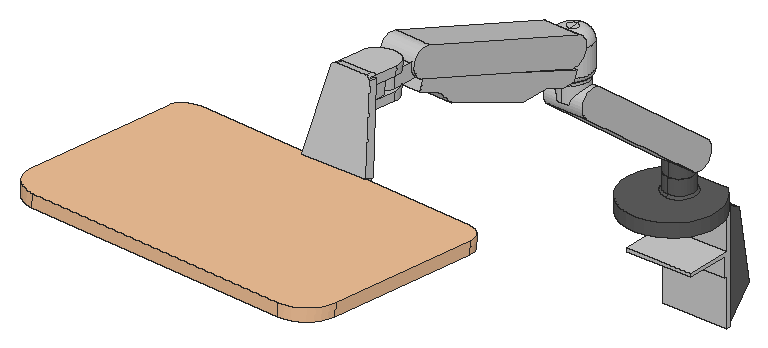
Revit family "Human_Solution-UPLIFT_Desk-Converters-UDA120", category Furniture, Revit 2014
Parameters (values of type "Adapt Mobile Laptop Converter")
  Worksurface = HMS - Wood - Oak
  Width = 20.54026"
  Unit = HMS - Aluminum
  URL = "https://www.thehumansolution.com/"
  Type Comments = "Desk onverters"  # constant formula
  Support = HMS - Plastic Black
  Salvage or Reuse = yes
  Percentage of Recycled Content = 0
  Model = "UDA120"
  Material = ""
  Manufacturer = "Human Solution"  # constant formula
  Low Emitting Material = yes
  Low Emitting Finish = yes
  Keynote = "12500"
  Height = 17.93008"
  Description = "Adapt Mobile Laptop Converter 16.5\"W 7.5\"D 28\"H"
  Depth = 39.91701"
  Assembly Code = "E2020200"
Reference planes (in)
  plane 1 "Center Front/Back": y = 0
  plane 2: z = 0
  plane 3 "Center Left/Right": x = 0
  plane 4: x = -11.27013
  plane 5: x = 9.27013
  plane 6: y = -39.91701
  plane 7: y = -19.9585
  plane 8: z = 26
  plane 9: z = 43.93008
Forms (in)
  Extrusion 1, solid, material "HMS - Wood - Oak" <- "Worksurface"
    sketch origin (0, -0.75041, 24.51229) x (1, 0, 0) y (0, 0.998306, -0.058188)
      loop
        line (7.85254, -27.08642) -> (-9.51169, -25.91542)
        arc (-9.51169, -25.91542) -> (-10.31883, -26.18771) -> (-10.69703, -26.95098) r 1.11297
        line (-10.69703, -26.95098) -> (-11.34309, -36.53107)
        arc (-11.34309, -36.53107) -> (-10.89537, -37.93232) -> (-9.61033, -38.64831) r 2
        arc (-9.61033, -38.64831) -> (-1.68589, -39.43923) -> (6.27304, -39.71764) r 123.47065
        arc (6.27304, -39.71764) -> (7.64229, -39.18052) -> (8.27393, -37.85222) r 2
        line (8.27393, -37.85222) -> (8.91773, -28.30566)
        arc (8.91773, -28.30566) -> (8.63765, -27.47543) -> (7.85254, -27.08642) r 1.14481
    from 12.1415 to 12.91451
  Extrusion 2, solid, material "HMS - Aluminum" <- "Unit"
    sketch origin (0, -5.13059, 20.4277) x (1, 0, 0) y (0, 0.246033, 0.969261)
      loop
        line (-2.76627, 12.67523) -> (-2.66682, 12.67538) -> (-2.73282, 12.30754) -> (1.12156, 12.31349) -> (1.06676, 12.68114) -> (1.16621, 12.68129) -> (0.45649, 17.44321)
        spline (0.45649, 17.44321) -> (0.44952, 17.47611) -> (0.43862, 17.50792) -> (0.42392, 17.53821) -> (0.40564, 17.56655) -> (0.38403, 17.59255) -> (0.35939, 17.61585) -> (0.33206, 17.63614) -> (0.30241, 17.65312) -> (0.27086, 17.66656) -> (0.23784, 17.67629) -> (0.20381, 17.68216) -> (0.16925, 17.68408)
        line (0.16925, 17.68408) -> (-1.61687, 17.68133)
        spline (-1.61687, 17.68133) -> (-1.65149, 17.67929) -> (-1.6857, 17.67332) -> (-1.71901, 17.66349) -> (-1.75098, 17.64995) -> (-1.78114, 17.63288) -> (-1.8091, 17.61251) -> (-1.83445, 17.58913) -> (-1.85685, 17.56306) -> (-1.876, 17.53466) -> (-1.89161, 17.50433) -> (-1.90349, 17.47248) -> (-1.91146, 17.43956)
        line (-1.91146, 17.43956) -> (-2.76627, 12.67523)
    from 24.81621 to 25.34262
  Extrusion 3, solid, material "HMS - Aluminum" <- "Unit"
    sketch origin (0, 0, 26) x (0, 1, 0) y (0, 0, 1)
      loop
        line (-31.91684, 12.44944) -> (-26.70114, 12.06642)
        arc (-26.70114, 12.06642) -> (-26.38686, 12.18375) -> (-26.16765, 12.43769) r 0.67619
        line (-26.16765, 12.43769) -> (-26.60763, 12.59783) -> (-26.68094, 12.39642) -> (-31.91684, 12.78093) -> (-31.91684, 12.44944)
    from -2.97246 to 1.05042
  Extrusion 4, solid, material "HMS - Plastic Black" <- "Support"
    sketch origin (0, 0, 26) x (1, 0, 0) y (0, 1, 0)
      loop
        line (1.55398, 0.40649) -> (-1.45887, 0.4148)
        arc (-1.45887, 0.4148) -> (-1.58813, 0.39275) -> (-1.70242, 0.32845) r 0.38363
        arc (-1.70242, 0.32845) -> (0.03366, -4.57077) -> (1.80044, 0.31746) r 2.76029
        arc (1.80044, 0.31746) -> (1.68494, 0.38337) -> (1.55398, 0.40649) r 0.38864
    from 0 to 0.83019
  Extrusion 5, solid, material "HMS - Aluminum" <- "Unit"
    sketch origin (0, 0, 26) x (0, 1, 0) y (0, 0, 1)
      loop
        line (0.00365, 0.00689) -> (0.00365, -2.37831) -> (-2.75289, -2.37831) -> (-2.75289, -2.59154) -> (-0.19658, -2.59154) -> (-0.19658, -3.75669) -> (0.00302, -3.75669) -> (0.00302, -6.60728) -> (0.19987, -6.60728) -> (0.19987, 0.20374) -> (-0.60328, 0.20374) -> (-0.60328, 0.00689) -> (0.00365, 0.00689)
    from -1.93179 to 2.00522
  Extrusion 6, solid, material "HMS - Plastic Black" <- "Support"
    sketch origin (0, 0, 26) x (0, 1, 0) y (0, 0, 1)
      loop
        line (1.74822, -4.87159) -> (1.05114, -0.4585) -> (0.19987, 0.06753) -> (0.19987, -6.64146) -> (1.74822, -4.87159)
    from -1.83239 to 1.90581
  Revolve 7, solid, material "HMS - Plastic Black" <- "Support"
    sketch origin (0.03125, 0, 26) x (0, 1, 0) y (0, 0, 1)
      loop
        line (-1.17969, 0.83019) -> (-1.17969, 3.33019) -> (-2.00781, 3.33019) -> (-2.00781, 1.89329) -> (-2.03517, 1.86593) -> (-2.03517, 0.95738) -> (-2.16236, 0.83019) -> (-1.17969, 0.83019)
      axis (-1.17969, 3.33019) -> (-1.17969, 0.83019)
    angle from 0 to 360
  Extrusion 8, solid, material "HMS - Aluminum" <- "Unit"
    sketch origin (0, 0, 26) x (0, 1, 0) y (0, 0, 1)
      loop
        arc (-8.72929, 10.17737) -> (-9.9046, 10.03743) -> (-9.76465, 8.86212) r 0.83694
        line (-9.76465, 8.86212) -> (-1.58785, 2.42539)
        arc (-1.58785, 2.42539) -> (-0.41254, 2.56534) -> (-0.55249, 3.74065) r 0.83694
        line (-0.55249, 3.74065) -> (-8.72929, 10.17737)
    from -1.16328 to 1.21855
  Revolve 9, solid, material "HMS - Aluminum" <- "Unit"
    sketch origin (0, 0, 26) x (0, 1, 0) y (0, 0, 1)
      loop
        line (-9.27411, 13.35441) -> (-9.27411, 9.52508) -> (-8.38348, 9.52508) -> (-8.38348, 10.57143)
        arc (-8.38348, 10.57143) -> (-8.36797, 10.67223) -> (-8.32286, 10.76371) r 0.33522
        line (-8.32286, 10.76371) -> (-8.26867, 10.84109)
        arc (-8.26867, 10.84109) -> (-8.21252, 10.95495) -> (-8.19321, 11.08042) r 0.41725
        line (-8.19321, 11.08042) -> (-8.19321, 12.60441)
        arc (-8.19321, 12.60441) -> (-8.41288, 13.13474) -> (-8.94321, 13.35441) r 0.75
        line (-8.94321, 13.35441) -> (-9.27411, 13.35441)
      axis (-9.27411, 13.35441) -> (-9.27411, 9.52508)
    angle from 0 to 360
  Extrusion 10, solid, material "HMS - Aluminum" <- "Unit"
    sketch origin (0.54399, 0.03797, 26) x (0.046881, 0.9989, 0) y (0, 0, 1)
      loop
        line (-10.24588, 13.66272) -> (-20.95833, 17.64391)
        arc (-20.95833, 17.64391) -> (-22.06343, 17.13766) -> (-21.55717, 16.03256) r 0.85951
        line (-21.55717, 16.03256) -> (-10.84472, 12.05138)
        arc (-10.84472, 12.05138) -> (-9.73963, 12.55763) -> (-10.24588, 13.66272) r 0.85951
    from -1.14429 to 1.05025
  Extrusion 11, solid, material "HMS - Aluminum" <- "Unit"
    sketch origin (1.08712, 0.01463, 26) x (0.053778, 0.998553, 0) y (0, 0, 1)
      loop
        line (-19.27094, 13.7207) -> (-14.16216, 11.65662) -> (-12.41216, 11.65662) -> (-11.25318, 11.18836) -> (-10.55244, 11.18836) -> (-10.32153, 11.75987) -> (-21.33736, 15.98845) -> (-21.61832, 15.29307) -> (-20.31789, 14.76766) -> (-19.27094, 13.7207)
    from -1.38752 to 0.54982
  Extrusion 12, solid, material "HMS - Aluminum" <- "Unit"
    sketch origin (0, -0.81792, 24.35709) x (1, 0, 0) y (0, 0.997564, -0.069756)
      loop
        line (-1.88771, -25.64201) -> (0.39058, -25.79565) -> (0.51922, -23.89106)
        arc (0.51922, -23.89106) -> (-0.54297, -22.67498) -> (-1.75905, -23.73717) r 1.14173
        line (-1.75905, -23.73717) -> (-1.88771, -25.64201)
    from 17.04199 to 17.55988
  Extrusion 13, solid, material "HMS - Aluminum" <- "Unit"
    sketch origin (0, -0.91234, 23.00678) x (1, 0, 0) y (0, 0.997564, -0.069756)
      loop
        line (-1.88771, -25.64201) -> (0.39058, -25.79565) -> (0.51922, -23.89106)
        arc (0.51922, -23.89106) -> (-0.54297, -22.67498) -> (-1.75905, -23.73717) r 1.14173
        line (-1.75905, -23.73717) -> (-1.88771, -25.64201)
    from 17.04199 to 17.55988
  Extrusion 14, solid, material "HMS - Aluminum" <- "Unit"
    sketch origin (0, 0, 26) x (0, 1, 0) y (0, 0, 1)
      loop
        line (-24.21567, 16.23906) -> (-24.15753, 17.07276) -> (-24.97124, 17.12966) -> (-25.18018, 16.30651) -> (-24.21567, 16.23906)
    from -1.88771 to 0.39058
  Extrusion 15, solid, material "HMS - Aluminum" <- "Unit"
    sketch origin (0, 0, 26) x (1, 0, 0) y (0, 1, 0)
      loop
        line (-1.4268, -21.75869) -> (-1.49001, -23.15317)
        arc (-1.49001, -23.15317) -> (-0.64708, -24.07615) -> (0.27589, -23.23322) r 0.88386
        line (0.27589, -23.23322) -> (0.3391, -21.83873) -> (-1.4268, -21.75869)
    from 16.14131 to 17.04197
Lines and regions (in)
  symbolic lines
    curve 1: line (7.85254, -27.03946, 0) -> (-9.51169, -25.87044, 0)
    curve 2: spline (-9.51169, -25.87044, 0) -> (-9.65728, -25.87017, 0) -> (-9.80165, -25.88887, 0) -> (-9.94234, -25.92622, 0) -> (-10.07695, -25.98158, 0) -> (-10.20317, -26.05402, 0) -> (-10.31883, -26.14227, 0) -> (-10.42197, -26.24485, 0) -> (-10.51081, -26.35999, 0) -> (-10.58384, -26.48571, 0) -> (-10.63981, -26.61988, 0) -> (-10.67776, -26.7602, 0) -> (-10.69703, -26.90426, 0)
    curve 3: line (-10.69703, -26.90426, 0) -> (-11.34309, -36.46811, 0)
    curve 4: spline (-11.34309, -36.46811, 0) -> (-11.34423, -36.71859, 0) -> (-11.31396, -36.96723, 0) -> (-11.25274, -37.21014, 0) -> (-11.16153, -37.44348, 0) -> (-11.04178, -37.66359, 0) -> (-10.89537, -37.86699, 0) -> (-10.72459, -38.0505, 0) -> (-10.53215, -38.21121, 0) -> (-10.32106, -38.34661, 0) -> (-10.09466, -38.45456, 0) -> (-9.8565, -38.53336, 0) -> (-9.61033, -38.58177, 0)
    curve 5: spline (-9.61033, -38.58177, 0) -> (-8.29338, -38.74878, 0) -> (-6.97472, -38.90165, 0) -> (-5.65449, -39.04035, 0) -> (-4.33284, -39.16488, 0) -> (-3.00992, -39.27521, 0) -> (-1.68589, -39.37134, 0) -> (-0.36091, -39.45325, 0) -> (0.96489, -39.52094, 0) -> (2.29133, -39.57439, 0) -> (3.61827, -39.6136, 0) -> (4.94556, -39.63857, 0) -> (6.27304, -39.64929, 0)
    curve 6: spline (6.27304, -39.64929, 0) -> (6.52345, -39.63426, 0) -> (6.77001, -39.58805, 0) -> (7.00884, -39.5114, 0) -> (7.23617, -39.4055, 0) -> (7.44843, -39.27202, 0) -> (7.64229, -39.11307, 0) -> (7.81469, -38.93114, 0) -> (7.96292, -38.7291, 0) -> (8.08465, -38.51012, 0) -> (8.17796, -38.27765, 0) -> (8.24139, -38.03535, 0) -> (8.27393, -37.78702, 0)
    curve 7: line (8.27393, -37.78702, 0) -> (8.91773, -28.25664, 0)
    curve 8: spline (8.91773, -28.25664, 0) -> (8.91801, -28.10715, 0) -> (8.89875, -27.95889, 0) -> (8.86026, -27.81442, 0) -> (8.80322, -27.6762, 0) -> (8.72859, -27.54659, 0) -> (8.63765, -27.42782, 0) -> (8.53196, -27.32191, 0) -> (8.41333, -27.23068, 0) -> (8.28379, -27.15569, 0) -> (8.14555, -27.09822, 0) -> (8.00097, -27.05925, 0) -> (7.85254, -27.03946, 0)
    curve 9: line (-1.05312, -9.58352, 0) -> (-1.63592, -22.00133, 0)
    curve 10: line (0.55621, -22.10421, 0) -> (1.13901, -9.68641, 0)
    curve 11: line (-1.75905, -23.27235, 0) -> (-1.88771, -25.17255, 0)
    curve 12: line (-1.88771, -25.17255, 0) -> (0.39058, -25.32582, 0)
    curve 13: line (0.39058, -25.32582, 0) -> (0.51922, -23.42586, 0)
    curve 14: spline (0.51922, -23.42586, 0) -> (0.50032, -23.12914, 0) -> (0.40508, -22.8474, 0) -> (0.23999, -22.59985, 0) -> (0.01629, -22.40337, 0) -> (-0.25076, -22.27133, 0) -> (-0.54297, -22.21275, 0) -> (-0.84042, -22.2316, 0) -> (-1.12284, -22.32661, 0) -> (-1.37099, -22.4913, 0) -> (-1.56796, -22.71445, 0) -> (-1.70032, -22.98086, 0) -> (-1.75905, -23.27235, 0)
    curve 15: line (-2.76627, -26.06545, 0) -> (-1.87068, -24.83735, 0)
    curve 16: line (-1.96386, -25.47536, 0) -> (-2.76627, -26.57568, 0)
    curve 17: line (0.25874, -25.3433, 0) -> (-1.70571, -25.34405, 0)
    curve 18: line (1.16621, -26.57419, 0) -> (0.50436, -25.48163, 0)
    curve 19: line (0.45649, -24.89237, 0) -> (1.16621, -26.06396, 0)
    curve 20: line (1.16621, -26.06396, 0) -> (1.16621, -26.57419, 0)
    curve 21: arc (-1.70571, -25.34405, 0) -> (-1.85051, -25.37879, 0) -> (-1.96386, -25.47536, 0) r 0.31966
    curve 22: arc (0.50436, -25.48163, 0) -> (0.3997, -25.38024, 0) -> (0.25874, -25.3433, 0) r 0.28705
    curve 23: line (-1.87068, -24.83735, 0) -> (0.42365, -24.83735, 0)
    curve 24: line (-2.76627, -26.57568, 0) -> (-2.76627, -26.06545, 0)
    curve 25: line (-1.63592, -22.00133, 0) -> (0.61161, -22.10681, 0)
    curve 26: line (-1.43822, -22.01061, 0) -> (-1.43822, -22.58036, 0)
    curve 27: line (0.32755, -22.09348, 0) -> (0.28367, -22.69048, 0)
    curve 28: line (-1.07656, -10.08297, 0) -> (-1.16328, -10.08297, 0)
    curve 29: line (-1.16328, -10.08297, 0) -> (-1.16328, -0.23323, 0)
    curve 30: line (-1.16328, -0.23323, 0) -> (1.21855, -0.23323, 0)
    curve 31: line (1.21855, -0.23323, 0) -> (1.21855, -10.08391, 0)
    curve 32: line (1.21855, -10.08391, 0) -> (1.12035, -10.08391, 0)
    curve 33: arc (-1.05312, -9.58352, 0) -> (0.03555, -9.79241, 0) -> (1.13901, -9.68641, 0) r 3.89819
    curve 34: arc (-1.05312, -9.58352, 0) -> (0.07414, -8.18122, 0) -> (1.01603, -9.7142, 0) r 1.10066
    curve 35: arc (-1.16328, -4.23323, 0) -> (-2.71655, -1.99859, 0) -> (-1.45887, 0.4148, 0) r 2.62948
    curve 36: arc (1.21855, -4.30763, 0) -> (2.78978, -2.07634, 0) -> (1.67549, 0.4148, 0) r 2.76029
    curve 37: line (-1.45887, 0.4148, 0) -> (1.67549, 0.4148, 0)
    curve 38: line (-1.8315, 0.1405, 0) -> (-1.8315, 1.73112, 0)
    curve 39: line (1.93378, 0.19987, 0) -> (1.93378, 1.73112, 0)
    curve 40: line (1.93378, 1.73112, 0) -> (-1.8315, 1.73112, 0)
    curve 41: line (-1.8315, 1.05114, 0) -> (1.93378, 1.05114, 0)
Dimensions and locks (in)
  "Width": plane 4 to plane 5
  "Depth": plane 6 to plane 1 "Center Front/Back"
  equal spacing: plane 6, plane 7, plane 1 "Center Front/Back"
  plane 8 to plane 2 = 26"
  "Height": plane 9 to plane 8
  aligned and locked: level to plane 2
  aligned and locked: Extrusion 12 to Extrusion 14
Automatic sketch dimensions
  curve 3 to plane 4 = 0.07296"
  plane 4 to curve 3 = 0.5731"
  curve 2 to curve 1 = 1.18534"
  curve 24 to plane 3 "Center Left/Right" = 2.76627"
  curve 15 to curve 16 = 0.8024"
  curve 16 to curve 11 = 0.07615"
  curve 11 to curve 23 = 0.01703"
  curve 40 to plane 3 "Center Left/Right" = 1.8315"
  curve 15 to curve 11 = 0.11163"
  curve 11 to curve 17 = 0.182"
  curve 17 to curve 21 = 0.00012"
  curve 14 to curve 25 = 0.12313"
  curve 38 to curve 37 = 0.37262"
  plane 1 "Center Front/Back" to curve 30 = 0.23323"
  curve 35 to curve 30 = 0.29559"
  curve 28 to curve 9 = 0.11016"
  curve 35 to plane 3 "Center Left/Right" = 0.09237"
  plane 3 "Center Left/Right" to curve 34 = 0.00477"
  plane 3 "Center Left/Right" to curve 36 = 0.04232"
  plane 3 "Center Left/Right" to curve 33 = 0.2183"
  plane 3 "Center Left/Right" to curve 17 = 0.25874"
  plane 3 "Center Left/Right" to curve 22 = 0.25885"
  curve 17 to curve 13 = 0.13183"
  curve 12 to curve 18 = 0.11379"
  plane 3 "Center Left/Right" to curve 13 = 0.51922"
  plane 3 "Center Left/Right" to curve 10 = 1.13901"
  curve 22 to curve 19 = 0.66185"
  curve 33 to curve 31 = 0.07954"
  curve 37 to plane 1 "Center Front/Back" = 0.4148"
  curve 30 to curve 37 = 0.45693"
  curve 37 to curve 39 = 0.2583"
  curve 1 to plane 5 = 1.41759"
  curve 7 to plane 5 = 0.99619"
  curve 7 to plane 5 = 0.3524"
  plane 1 "Center Front/Back" to curve 36 = 1.8105"
  curve 35 to curve 36 = 0.02121"
  curve 33 to curve 36 = 1.59088"
  curve 34 to curve 33 = 3.38118"
  curve 9 to curve 34 = 0.30383"
  curve 29 to curve 34 = 0.49945"
  curve 31 to curve 33 = 0.39751"
  curve 9 to plane 7 = 2.04283"
  curve 11 to curve 9 = 1.27102"
  curve 13 to curve 10 = 1.32165"
  curve 15 to curve 11 = 1.565"
  curve 11 to curve 15 = 0.3352"
  curve 13 to curve 23 = 0.48847"
  curve 17 to curve 12 = 0.01748"
  curve 17 to curve 11 = 0.1715"
  curve 16 to curve 17 = 0.13131"
  curve 18 to curve 12 = 0.15581"
  curve 1 to plane 7 = 5.91194"
  curve 19 to curve 22 = 0.58234"
  curve 15 to curve 21 = 0.5901"
  curve 20 to curve 19 = 0.51023"
  curve 24 to curve 15 = 0.51023"
  curve 3 to curve 2 = 1.03381"
  curve 1 to curve 18 = 0.46527"
  curve 7 to curve 1 = 1.21718"
  plane 6 to curve 3 = 3.44889"
  plane 6 to curve 7 = 2.12998"
  curve 37 to curve 39 = 1.31631"
  plane 4 to curve 4 = 1.6598"
  curve 2 to curve 1 = 0.07489"
  plane 4 to curve 4 = 1.92251"
  curve 2 to curve 2 = 1.11297"
  curve 4 to curve 4 = 2"
  curve 9 to curve 26 = 0.1977"
  curve 14 to plane 3 "Center Left/Right" = 0.61991"
  plane 3 "Center Left/Right" to curve 27 = 0.28367"
  curve 27 to curve 10 = 0.22866"
  curve 23 to curve 19 = 0.03284"
  curve 13 to curve 14 = 0.0026"
  curve 10 to curve 25 = 0.05539"
  plane 6 to curve 5 = 0.26772"
  curve 5 to curve 6 = 2.00089"
  curve 6 to curve 6 = 0.00542"
  curve 5 to plane 5 = 2.66227"
  curve 8 to curve 1 = 0.07703"
  curve 7 to curve 6 = 0.00453"
  curve 7 to curve 8 = 0.00259"
  plane 5 to curve 5 = 120.80838"
  curve 26 to curve 26 = 0.56975"
  curve 27 to curve 27 = 0.597"
  curve 19 to curve 23 = 0.05502"
  curve 4 to curve 4 = 0.13434"
  curve 41 to curve 39 = 0.67998"
  Extrusion 1 sketch curve to plane 4 = 0.07296"
  plane 4 to Extrusion 1 sketch curve = 0.5731"
  Extrusion 1 sketch curve to Extrusion 1 sketch curve = 1.11045"
  Extrusion 1 sketch curve to Extrusion 1 sketch curve = 0.07489"  (x2)
  plane 4 to Extrusion 1 sketch curve = 1.92251"
  Extrusion 1 sketch curve to plane 5 = 2.99166"
  Extrusion 1 sketch curve to plane 5 = 2.66227"
  Extrusion 1 sketch curve to plane 5 = 1.49461"
  Extrusion 1 sketch curve to Extrusion 1 sketch curve = 0.07703"  (x2)
  Extrusion 1 sketch curve to plane 5 = 0.99619"
  Extrusion 1 sketch curve to plane 5 = 0.3524"
  Extrusion 1 sketch curve to Extrusion 1 sketch curve = 0.13457"  (x2)
  Extrusion 1 sketch curve to Extrusion 1 sketch curve = 1.05201"
  Extrusion 1 sketch curve to Extrusion 1 sketch curve = 9.54656"
  Extrusion 1 sketch curve to Extrusion 1 sketch curve = 9.63977"
  Extrusion 1 sketch curve to Extrusion 1 sketch curve = 110.83897"
  Extrusion 1 sketch curve to Extrusion 1 sketch curve = 0"
  Extrusion 2 sketch curve to plane 3 "Center Left/Right" = 2.76627"
  Extrusion 2 sketch curve to Extrusion 2 sketch curve = 0.03345"
  Extrusion 2 sketch curve to Extrusion 2 sketch curve = 0.09945"  (x2)
  Extrusion 2 sketch curve to plane 3 "Center Left/Right" = 1.91146"
  Extrusion 2 sketch curve to Extrusion 2 sketch curve = 0.29459"
  plane 3 "Center Left/Right" to Extrusion 2 sketch curve = 0.16925"
  Extrusion 2 sketch curve to Extrusion 2 sketch curve = 0.28724"
  plane 3 "Center Left/Right" to Extrusion 2 sketch curve = 1.06676"
  Extrusion 2 sketch curve to Extrusion 2 sketch curve = 0.05479"
  Extrusion 2 sketch curve to Extrusion 2 sketch curve = 0.00595"
  Extrusion 2 sketch curve to Extrusion 2 sketch curve = 0.36768"
  Extrusion 2 sketch curve to Extrusion 2 sketch curve = 0.00015"  (x2)
  Extrusion 2 sketch curve to Extrusion 2 sketch curve = 0.36765"
  Extrusion 2 sketch curve to Extrusion 2 sketch curve = 4.76418"
  Extrusion 2 sketch curve to Extrusion 2 sketch curve = 0.00365"
  Extrusion 2 sketch curve to Extrusion 2 sketch curve = 0.24177"
  Extrusion 2 sketch curve to Extrusion 2 sketch curve = 0.24088"
  Extrusion 2 sketch curve to Extrusion 2 sketch curve = 0.00527"
  Extrusion 2 sketch curve to Extrusion 2 sketch curve = 0.00436"
  Extrusion 2 sketch curve to plane 3 "Center Left/Right" = 0.12007"
  plane 3 "Center Left/Right" to Extrusion 2 sketch curve = 0.16489"
  plane 6 to Extrusion 3 sketch curve = 8.00017"
  Extrusion 3 sketch curve to Extrusion 3 sketch curve = 5.14372"
  Extrusion 3 sketch curve to Extrusion 3 sketch curve = 0.07198"
  Extrusion 3 sketch curve to Extrusion 3 sketch curve = 0.02021"
  Extrusion 3 sketch curve to Extrusion 3 sketch curve = 0.07331"
  Extrusion 3 sketch curve to Extrusion 3 sketch curve = 0.43998"
  plane 8 to Extrusion 3 sketch curve = 12.06642"
  Extrusion 3 sketch curve to Extrusion 3 sketch curve = 0.33"
  Extrusion 3 sketch curve to Extrusion 3 sketch curve = 0.04128"
  Extrusion 3 sketch curve to Extrusion 3 sketch curve = 0.28933"
  Extrusion 3 sketch curve to Extrusion 3 sketch curve = 0.33149"
  Extrusion 4 sketch curve to plane 1 "Center Front/Back" = 0.03117"
  Extrusion 4 sketch curve to plane 3 "Center Left/Right" = 1.45993"
  Extrusion 4 sketch curve to plane 1 "Center Front/Back" = 0.4148"
  Extrusion 4 sketch curve to Extrusion 4 sketch curve = 0.00106"
  plane 3 "Center Left/Right" to Extrusion 4 sketch curve = 0.04232"
  Extrusion 4 sketch curve to plane 1 "Center Front/Back" = 0.01785"
  plane 3 "Center Left/Right" to Extrusion 4 sketch curve = 1.5529"
  Extrusion 4 sketch curve to plane 1 "Center Front/Back" = 0.40649"
  Extrusion 4 sketch curve to Extrusion 4 sketch curve = 0.00107"
  plane 1 "Center Front/Back" to Extrusion 4 sketch curve = 1.8105"
  Extrusion 4 sketch curve to Extrusion 4 sketch curve = 0"
  plane 1 "Center Front/Back" to Extrusion 5 sketch curve = 2.75289"
  plane 8 to Extrusion 5 sketch curve = 0.20374"
  plane 1 "Center Front/Back" to Extrusion 5 sketch curve = 0.60328"
  plane 1 "Center Front/Back" to Extrusion 5 sketch curve = 0.19658"
  Extrusion 5 sketch curve to plane 1 "Center Front/Back" = 0.00302"
  Extrusion 5 sketch curve to plane 1 "Center Front/Back" = 0.00365"
  Extrusion 5 sketch curve to Extrusion 5 sketch curve = 0.19685"
  plane 8 to Extrusion 5 sketch curve = 0.00689"
  Extrusion 5 sketch curve to plane 8 = 2.37831"
  Extrusion 5 sketch curve to Extrusion 5 sketch curve = 0.21323"
  Extrusion 5 sketch curve to Extrusion 5 sketch curve = 1.16516"
  Extrusion 5 sketch curve to Extrusion 5 sketch curve = 2.85059"
  plane 8 to Extrusion 6 sketch curve = 0.06753"
  Extrusion 6 sketch curve to plane 1 "Center Front/Back" = 0.19987"
  Extrusion 6 sketch curve to plane 8 = 0.4585"
  Extrusion 6 sketch curve to Extrusion 6 sketch curve = 0.85127"
  Extrusion 6 sketch curve to plane 1 "Center Front/Back" = 1.74822"
  Extrusion 6 sketch curve to Extrusion 6 sketch curve = 4.41309"
  Extrusion 6 sketch curve to Extrusion 6 sketch curve = 1.76987"
  plane 8 to Revolve 7 sketch curve = 0.83019"
  plane 1 "Center Front/Back" to Revolve 7 sketch curve = 2.16236"
  plane 8 to Revolve 7 sketch curve = 0.95738"
  Revolve 7 sketch curve to Revolve 7 sketch curve = 0.12718"
  Revolve 7 sketch curve to Revolve 7 sketch curve = 0.02736"  (x2)
  Revolve 7 sketch curve to Revolve 7 sketch curve = 0.82812"  (x2)
  Revolve 7 sketch curve to Revolve 7 sketch curve = 0.90856"
  Revolve 7 sketch curve to Revolve 7 sketch curve = 1.4369"
  Revolve 7 sketch curve to Revolve 7 sketch curve = 0.79858"
  Revolve 7 sketch curve to Revolve 7 sketch curve = 0.17276"
  plane 1 "Center Front/Back" to Extrusion 8 sketch curve = 9.76465"
  Extrusion 8 sketch curve to Extrusion 8 sketch curve = 0.51768"  (x3)
  plane 1 "Center Front/Back" to Extrusion 8 sketch curve = 1.58785"
  plane 1 "Center Front/Back" to Extrusion 8 sketch curve = 0.55249"
  plane 8 to Extrusion 8 sketch curve = 2.42539"
  Extrusion 8 sketch curve to Extrusion 8 sketch curve = 0.65763"  (x2)
  plane 8 to Extrusion 8 sketch curve = 8.86212"
  plane 1 "Center Front/Back" to Revolve 9 sketch curve = 9.27411"
  Revolve 9 sketch curve to Revolve 9 sketch curve = 0.33089"
  Revolve 9 sketch curve to Revolve 9 sketch curve = 0.33275"
  Revolve 9 sketch curve to Revolve 9 sketch curve = 0.89062"  (x2)
  Revolve 9 sketch curve to Revolve 9 sketch curve = 0.06062"
  Revolve 9 sketch curve to Revolve 9 sketch curve = 0.05419"
  Revolve 9 sketch curve to Revolve 9 sketch curve = 0.75"
  Revolve 9 sketch curve to Revolve 9 sketch curve = 0.2746"
  plane 8 to Revolve 9 sketch curve = 9.52508"
  Revolve 9 sketch curve to Revolve 9 sketch curve = 1.04635"
  Revolve 9 sketch curve to Revolve 9 sketch curve = 0.07739"
  Revolve 9 sketch curve to Revolve 9 sketch curve = 1.52399"
  Revolve 9 sketch curve to Revolve 9 sketch curve = 0.13051"
  Revolve 9 sketch curve to Revolve 9 sketch curve = 0.5"
  plane 8 to Extrusion 10 sketch curve = 16.03256"
  Extrusion 10 sketch curve to Extrusion 10 sketch curve = 0.29942"  (x4)
  plane 8 to Extrusion 10 sketch curve = 17.64391"
  plane 8 to Extrusion 10 sketch curve = 12.05138"
  Extrusion 10 sketch curve to Extrusion 10 sketch curve = 10.71245"
  plane 8 to Extrusion 10 sketch curve = 13.66272"
  plane 8 to Extrusion 11 sketch curve = 15.29307"
  plane 8 to Extrusion 11 sketch curve = 15.98845"
  Extrusion 11 sketch curve to Extrusion 11 sketch curve = 0.28095"
  plane 8 to Extrusion 11 sketch curve = 14.76766"
  plane 8 to Extrusion 11 sketch curve = 13.7207"
  Extrusion 11 sketch curve to Extrusion 11 sketch curve = 1.04696"
  Extrusion 11 sketch curve to Extrusion 11 sketch curve = 5.10878"
  Extrusion 11 sketch curve to Extrusion 11 sketch curve = 1.75"
  plane 8 to Extrusion 11 sketch curve = 11.18836"
  Extrusion 11 sketch curve to Extrusion 11 sketch curve = 1.15898"
  Extrusion 11 sketch curve to Extrusion 11 sketch curve = 0.70074"
  plane 8 to Extrusion 11 sketch curve = 11.75987"
  Extrusion 11 sketch curve to Extrusion 11 sketch curve = 0.2309"
  Extrusion 11 sketch curve to Extrusion 11 sketch curve = 0.46826"
  Extrusion 12 sketch curve to plane 3 "Center Left/Right" = 1.88771"
  Extrusion 12 sketch curve to plane 3 "Center Left/Right" = 1.75905"
  Extrusion 12 sketch curve to plane 3 "Center Left/Right" = 0.61991"
  plane 3 "Center Left/Right" to Extrusion 12 sketch curve = 0.39058"
  plane 3 "Center Left/Right" to Extrusion 12 sketch curve = 0.51922"
  Extrusion 12 sketch curve to Extrusion 12 sketch curve = 0.15364"
  Extrusion 12 sketch curve to Extrusion 12 sketch curve = 1.9046"
  Extrusion 12 sketch curve to Extrusion 12 sketch curve = 0.07694"
  Extrusion 13 sketch curve to plane 3 "Center Left/Right" = 1.88771"
  Extrusion 13 sketch curve to plane 3 "Center Left/Right" = 1.75905"
  Extrusion 13 sketch curve to plane 3 "Center Left/Right" = 0.61991"
  plane 3 "Center Left/Right" to Extrusion 13 sketch curve = 0.39058"
  plane 3 "Center Left/Right" to Extrusion 13 sketch curve = 0.51922"
  Extrusion 13 sketch curve to Extrusion 13 sketch curve = 0.15364"
  Extrusion 13 sketch curve to Extrusion 13 sketch curve = 1.9046"
  Extrusion 13 sketch curve to Extrusion 13 sketch curve = 0.07694"
  Extrusion 14 sketch curve to plane 7 = 5.22168"
  Extrusion 14 sketch curve to Extrusion 14 sketch curve = 0.20895"
  Extrusion 14 sketch curve to Extrusion 14 sketch curve = 0.96451"
  Extrusion 14 sketch curve to Extrusion 14 sketch curve = 0.8137"
  plane 8 to Extrusion 14 sketch curve = 16.23906"
  Extrusion 14 sketch curve to Extrusion 14 sketch curve = 0.06745"
  Extrusion 14 sketch curve to Extrusion 14 sketch curve = 0.8337"
  Extrusion 14 sketch curve to Extrusion 14 sketch curve = 0.0569"
  Extrusion 15 sketch curve to plane 3 "Center Left/Right" = 1.49001"
  Extrusion 15 sketch curve to Extrusion 15 sketch curve = 0.06321"
  Extrusion 15 sketch curve to plane 3 "Center Left/Right" = 0.60706"
  plane 3 "Center Left/Right" to Extrusion 15 sketch curve = 0.27589"
  plane 3 "Center Left/Right" to Extrusion 15 sketch curve = 0.3391"
  Extrusion 15 sketch curve to plane 7 = 3.27471"
  Extrusion 15 sketch curve to Extrusion 15 sketch curve = 0.04002"
  Extrusion 15 sketch curve to Extrusion 15 sketch curve = 1.39448"  (x2)
